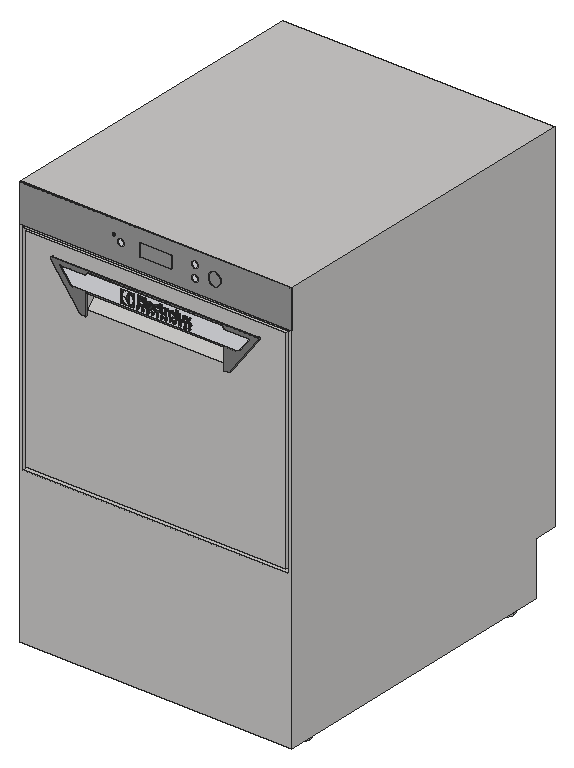
Revit family "QF_ELECTROLUXPROFESSIONAL_402124_ETGWSG16", category Attrezzature speciali, Revit 2021
Family settings
  Quota connettore circolare = Usa diametro
  Tipo di parte = Normale
  Basato su piano di lavoro = No
  Sempre verticale = Sì
  Taglio con vuoti quando caricato = No
  Condiviso = No
  Punto di calcolo locali = No
Parameters (values of type "Standard")
  Weight = 38.00 kg
  Watts = 2700 W
  Volts = 220 V
  URL Manufacturer = "https://www.electroluxprofessional.com/"
  URL = "https://www.electroluxprofessional.com/"
  Steam Supply Size = 0 mm
  Steam Supply Minimum Pressure = 0.0 Pa
  Steam Supply Maximum Pressure = 0.0 Pa
  Steam Consumption per Hour = 0
  Show Logo [instance] = yes
  Show Clearance [instance] = yes
  Refrigeration Suction Line Size = 0 mm
  Refrigeration Liquid Line Size = 0 mm
  Refrigerant Compressor Remote = yes
  Produttore = "Electrolux Professional"
  Phase = 1
  Modello = "ETGWSG16"
  Length Actual = 455 mm  # constant formula
  Item Number = "402124"
  Hot Water Size = 0 mm
  Height Actual = 700 mm  # constant formula
  HP = "3.6 HP"
  Gas Size = 0 mm
  Gas KW = 0
  Gas Input Pressure = 0 W
  Direct Waste Size = 29 mm
  Descrizione = "UC GLASSWASHER (S), ELECTRONIC, SINGLE SKIN, PRESSURE, RINSE AID+DET.PUMP, DRAIN P, TANK FILT, 40R/H, 230V/1/60,SCHUKO"
  Prospetto di default = 0 mm
  Depth Actual = 550 mm  # constant formula
  Cycle = 60 Hz
  Condensate Return Size = 0 mm
  Compressed Air Volume = 0.0 L/s
  Compressed Air Size = 0 mm
  Compressed Air Pressure = 0.0 Pa
  Cold Water Size = 19.05 mm
  Accessory = yes
Reference planes
  plane 1 "Center (Front/Back)": y = 0
  plane 2: z = 0
  plane 3 "Center (Left/Right)": x = 0
  plane 4 "LEFT": x = -227.5
  plane 5 "RIGHT": x = 227.5
  plane 6 "FRONT": y = -275
  plane 7 "BACK": y = 275
  plane 8: z = 700
  plane 9: z = 10
  plane 10: y = 236
  plane 11 "2": y = -274
Forms (mm)
  Extrusion 1, solid, material "QF_Finishes_Stainless Steel", detail levels medium+fine
    sketch origin (0, 0, 0) x (1, 0, 0) y (0, 1, 0)
      loop
        line (-227.5, -275) -> (227.5, -275) -> (227.5, 236) -> (-227.5, 236) -> (-227.5, -275)
    from 10 to 700
  Extrusion 2, solid, material "QF_Finishes_Stainless Steel", detail levels medium+fine
    sketch origin (0, 0, 0) x (1, 0, 0) y (0, 1, 0)
      loop
        line (-227.5, 236) -> (227.5, 236) -> (227.5, 275) -> (-227.5, 275) -> (-227.5, 236)
    from 100 to 700
  Extrusion 3, solid, material "QF_Finishes_Stainless Steel", detail levels fine
    sketch origin (0, 0, 0) x (1, 0, 0) y (0, 1, 0)
      loop
        circle (-208, 198) r 12.5
      loop
        circle (208, 198) r 12.5
      loop
        circle (-208, -228) r 12.5
      loop
        circle (208, -228) r 12.5
    from 0 to 10
  Extrusion 4, void
    sketch origin (-227.5, -275, 0) x (-1, 0, 0) y (0, 0, 1)
      loop
        line (-5, 634.145) -> (-450, 634.145) -> (-450, 270) -> (-5, 270) -> (-5, 634.145)
    from 0 to 30
  Extrusion 5, solid, material "QF_Finishes_Stainless Steel"
    sketch origin (-212, -392, 752) x (0, 0, -1) y (1, 0, 0)
      loop
        circle (693, 215.5) r 10
    from -628 to -667
  Extrusion 6, solid, material "QF_Finishes_Stainless Steel"
    sketch origin (-432.481, -392, 722) x (0, 0, -1) y (1, 0, 0)
      loop
        circle (663, 324.981) r 8
    from -628 to -667
  Extrusion 7, solid, material "QF_Finishes_Stainless Steel"
    sketch origin (-268, -392, 682.5) x (0, 0, -1) y (1, 0, 0)
      loop
        circle (663, 230.5) r 8
    from -628 to -667
  Extrusion 8, solid, material "QF_Finishes_Stainless Steel"
    sketch origin (-50.5, 508.026, -145.045) x (0, -1, 0) y (0, 0, 1)
      loop
        line (755.578, 774.145) -> (755.578, 420.045) -> (783.026, 420.045) -> (783.026, 774.145) -> (755.578, 774.145)
    from -268.245 to 167
  Extrusion 9, solid, material "QF_Finishes_Grey"
    sketch origin (1109.779, -277.6, -140) x (-1, 0, 0) y (0, 0, 1)
      loop
        line (1224.779, 677.936) -> (1231.15, 677.936)
        arc (1231.15, 677.936) -> (1234.782, 678.808) -> (1237.622, 681.234) r 8
        line (1237.622, 681.234) -> (1283.237, 744.017)
        arc (1283.237, 744.017) -> (1283.404, 746.136) -> (1281.591, 747.247) r 2.035
        line (1281.591, 747.247) -> (937.967, 747.247)
        arc (937.967, 747.247) -> (936.154, 746.136) -> (936.321, 744.017) r 2.035
        line (936.321, 744.017) -> (981.935, 681.234)
        arc (981.935, 681.234) -> (984.775, 678.808) -> (988.407, 677.936) r 8
        line (988.407, 677.936) -> (994.779, 677.936) -> (994.779, 712.928) -> (1224.779, 712.928) -> (1224.779, 677.936)
      loop
        line (1252.743, 719.058) -> (1268.137, 740.247) -> (1224.779, 740.247) -> (1221.329, 745.174) -> (998.229, 745.174) -> (994.779, 740.247) -> (951.42, 740.247) -> (966.815, 719.058)
        arc (966.815, 719.058) -> (970.365, 716.026) -> (974.905, 714.936) r 10
        line (974.905, 714.936) -> (1244.653, 714.936)
        arc (1244.653, 714.936) -> (1249.192, 716.026) -> (1252.743, 719.058) r 10
    from 2.6 to 0.6
  Extrusion 10, solid, material "QF_Finishes_White"
    sketch origin (1109.779, -277.552, -140) x (-1, 0, 0) y (0, 0, 1)
      loop
        arc (1244.653, 714.936) -> (1249.192, 716.026) -> (1252.743, 719.058) r 10
        line (1252.743, 719.058) -> (1268.137, 740.247) -> (1224.779, 740.247) -> (1221.329, 745.174) -> (998.229, 745.174) -> (994.779, 740.247) -> (951.42, 740.247) -> (966.815, 719.058)
        arc (966.815, 719.058) -> (970.365, 716.026) -> (974.905, 714.936) r 10
        line (974.905, 714.936) -> (1244.653, 714.936)
      loop
        line (1134.538, 728.308) -> (1129.975, 728.308) -> (1129.975, 725.979) -> (1134.559, 725.979) -> (1135.532, 726.049)
        spline (1135.532, 726.049) -> (1136.121, 726.164) -> (1136.653, 726.332) -> (1137.128, 726.553) -> (1137.548, 726.825) -> (1137.914, 727.144) -> (1138.226, 727.51) -> (1138.487, 727.921) -> (1138.698, 728.373) -> (1138.86, 728.866) -> (1138.974, 729.398) -> (1139.041, 729.966) -> (1139.063, 730.569)
        line (1139.063, 730.569) -> (1139.063, 740.368) -> (1130.147, 740.368) -> (1130.147, 738.037) -> (1136.586, 738.037) -> (1136.586, 734.634) -> (1130.533, 734.634) -> (1130.533, 732.296) -> (1136.585, 732.296) -> (1136.585, 730.463)
        spline (1136.585, 730.463) -> (1136.56, 730.049) -> (1136.488, 729.69) -> (1136.376, 729.381) -> (1136.229, 729.119) -> (1136.054, 728.901) -> (1135.857, 728.723) -> (1135.643, 728.582) -> (1135.419, 728.474) -> (1135.19, 728.396) -> (1134.963, 728.345) -> (1134.744, 728.317) -> (1134.538, 728.308)
      loop
        line (1128.214, 733.569) -> (1128.214, 740.372) -> (1125.736, 740.372) -> (1125.736, 725.976) -> (1128.214, 725.976) -> (1128.214, 733.569)
      loop
        line (1113.463, 731.445) -> (1113.505, 730.574) -> (1121.638, 730.574)
        spline (1121.638, 730.574) -> (1121.593, 730.171) -> (1121.504, 729.795) -> (1121.37, 729.446) -> (1121.194, 729.126) -> (1120.977, 728.838) -> (1120.722, 728.582) -> (1120.431, 728.361) -> (1120.104, 728.176) -> (1119.744, 728.03) -> (1119.353, 727.923) -> (1118.933, 727.857) -> (1118.484, 727.835)
        spline (1118.484, 727.835) -> (1118.178, 727.844) -> (1117.89, 727.87) -> (1117.62, 727.912) -> (1117.365, 727.972) -> (1117.124, 728.048) -> (1116.894, 728.141) -> (1116.675, 728.251) -> (1116.463, 728.376) -> (1116.258, 728.518) -> (1116.057, 728.676) -> (1115.86, 728.849) -> (1115.663, 729.039)
        line (1115.663, 729.039) -> (1114.169, 727.586)
        spline (1114.169, 727.586) -> (1114.509, 727.249) -> (1114.853, 726.951) -> (1115.203, 726.69) -> (1115.558, 726.466) -> (1115.918, 726.275) -> (1116.282, 726.116) -> (1116.652, 725.986) -> (1117.026, 725.885) -> (1117.404, 725.809) -> (1117.788, 725.758) -> (1118.175, 725.728) -> (1118.567, 725.719)
        spline (1118.567, 725.719) -> (1119.371, 725.763) -> (1120.127, 725.892) -> (1120.833, 726.104) -> (1121.482, 726.394) -> (1122.071, 726.76) -> (1122.596, 727.198) -> (1123.053, 727.705) -> (1123.436, 728.277) -> (1123.741, 728.911) -> (1123.965, 729.605) -> (1124.102, 730.353) -> (1124.149, 731.154)
        spline (1124.149, 731.154) -> (1124.1, 731.975) -> (1123.959, 732.742) -> (1123.73, 733.452) -> (1123.419, 734.101) -> (1123.032, 734.686) -> (1122.573, 735.205) -> (1122.048, 735.652) -> (1121.463, 736.026) -> (1120.824, 736.322) -> (1120.134, 736.538) -> (1119.401, 736.67) -> (1118.63, 736.715)
        spline (1118.63, 736.715) -> (1117.874, 736.667) -> (1117.166, 736.528) -> (1116.509, 736.303) -> (1115.907, 735.999) -> (1115.363, 735.622) -> (1114.879, 735.177) -> (1114.461, 734.672) -> (1114.111, 734.112) -> (1113.833, 733.503) -> (1113.63, 732.851) -> (1113.506, 732.163) -> (1113.463, 731.445)
      loop
        line (1115.995, 732.317) -> (1121.575, 732.317)
        spline (1121.575, 732.317) -> (1121.525, 732.627) -> (1121.429, 732.925) -> (1121.29, 733.207) -> (1121.111, 733.471) -> (1120.896, 733.713) -> (1120.647, 733.932) -> (1120.368, 734.125) -> (1120.062, 734.288) -> (1119.732, 734.42) -> (1119.381, 734.518) -> (1119.012, 734.578) -> (1118.63, 734.599)
        spline (1118.63, 734.599) -> (1118.273, 734.578) -> (1117.93, 734.516) -> (1117.605, 734.417) -> (1117.301, 734.284) -> (1117.021, 734.118) -> (1116.767, 733.924) -> (1116.544, 733.705) -> (1116.355, 733.461) -> (1116.202, 733.198) -> (1116.089, 732.918) -> (1116.019, 732.623) -> (1115.995, 732.317)
      loop
        spline (1109.715, 731.217) -> (1109.687, 730.756) -> (1109.604, 730.319) -> (1109.469, 729.908) -> (1109.287, 729.528) -> (1109.06, 729.181) -> (1108.792, 728.87) -> (1108.485, 728.598) -> (1108.144, 728.369) -> (1107.772, 728.186) -> (1107.371, 728.051) -> (1106.946, 727.967) -> (1106.499, 727.939)
        spline (1106.499, 727.939) -> (1106.225, 727.948) -> (1105.962, 727.973) -> (1105.711, 728.015) -> (1105.469, 728.073) -> (1105.238, 728.148) -> (1105.016, 728.237) -> (1104.802, 728.342) -> (1104.597, 728.462) -> (1104.399, 728.595) -> (1104.207, 728.743) -> (1104.023, 728.905) -> (1103.844, 729.08)
        line (1103.844, 729.08) -> (1102.308, 727.483)
        spline (1102.308, 727.483) -> (1102.614, 727.177) -> (1102.928, 726.902) -> (1103.252, 726.658) -> (1103.584, 726.443) -> (1103.924, 726.256) -> (1104.271, 726.098) -> (1104.626, 725.966) -> (1104.988, 725.859) -> (1105.357, 725.778) -> (1105.732, 725.722) -> (1106.113, 725.688) -> (1106.499, 725.677)
        spline (1106.499, 725.677) -> (1107.273, 725.725) -> (1108.015, 725.866) -> (1108.718, 726.094) -> (1109.375, 726.403) -> (1109.979, 726.79) -> (1110.524, 727.249) -> (1111.004, 727.774) -> (1111.411, 728.361) -> (1111.739, 729.003) -> (1111.982, 729.697) -> (1112.132, 730.437) -> (1112.184, 731.217)
        spline (1112.184, 731.217) -> (1112.132, 731.997) -> (1111.982, 732.737) -> (1111.739, 733.431) -> (1111.411, 734.073) -> (1111.004, 734.66) -> (1110.524, 735.185) -> (1109.979, 735.644) -> (1109.375, 736.03) -> (1108.718, 736.34) -> (1108.015, 736.568) -> (1107.273, 736.709) -> (1106.499, 736.757)
        spline (1106.499, 736.757) -> (1106.113, 736.746) -> (1105.732, 736.712) -> (1105.357, 736.655) -> (1104.988, 736.574) -> (1104.626, 736.468) -> (1104.271, 736.336) -> (1103.924, 736.178) -> (1103.584, 735.991) -> (1103.252, 735.776) -> (1102.928, 735.532) -> (1102.614, 735.257) -> (1102.308, 734.952)
        line (1102.308, 734.952) -> (1103.844, 733.354)
        spline (1103.844, 733.354) -> (1104.023, 733.529) -> (1104.207, 733.691) -> (1104.399, 733.839) -> (1104.597, 733.972) -> (1104.802, 734.092) -> (1105.016, 734.197) -> (1105.238, 734.286) -> (1105.469, 734.361) -> (1105.711, 734.419) -> (1105.962, 734.461) -> (1106.225, 734.486) -> (1106.499, 734.495)
        spline (1106.499, 734.495) -> (1106.946, 734.467) -> (1107.371, 734.383) -> (1107.772, 734.248) -> (1108.144, 734.065) -> (1108.485, 733.836) -> (1108.792, 733.564) -> (1109.06, 733.253) -> (1109.287, 732.906) -> (1109.469, 732.526) -> (1109.604, 732.115) -> (1109.687, 731.678) -> (1109.715, 731.217)
      loop
        line (1095.989, 728.305) -> (1095.998, 725.976) -> (1097.045, 726.023)
        spline (1097.045, 726.023) -> (1097.633, 726.122) -> (1098.166, 726.275) -> (1098.647, 726.479) -> (1099.075, 726.732) -> (1099.453, 727.033) -> (1099.78, 727.38) -> (1100.059, 727.772) -> (1100.291, 728.205) -> (1100.476, 728.678) -> (1100.616, 729.19) -> (1100.712, 729.738) -> (1100.765, 730.321)
        line (1100.765, 730.321) -> (1100.765, 740.372) -> (1098.287, 740.372) -> (1098.287, 736.386) -> (1096.036, 736.386) -> (1096.036, 734.135) -> (1098.29, 734.135) -> (1098.29, 730.462)
        spline (1098.29, 730.462) -> (1098.238, 730.026) -> (1098.14, 729.649) -> (1098.002, 729.329) -> (1097.831, 729.061) -> (1097.632, 728.84) -> (1097.412, 728.664) -> (1097.177, 728.527) -> (1096.933, 728.427) -> (1096.686, 728.358) -> (1096.442, 728.318) -> (1096.208, 728.301) -> (1095.989, 728.305)
      loop
        line (1087.65, 736.531) -> (1087.65, 734.134) -> (1088.683, 734.238)
        spline (1088.683, 734.238) -> (1089.099, 734.216) -> (1089.487, 734.15) -> (1089.845, 734.043) -> (1090.173, 733.896) -> (1090.469, 733.71) -> (1090.73, 733.487) -> (1090.956, 733.228) -> (1091.145, 732.934) -> (1091.294, 732.608) -> (1091.403, 732.251) -> (1091.469, 731.864) -> (1091.492, 731.449)
        line (1091.492, 731.449) -> (1091.492, 725.976) -> (1093.95, 725.976) -> (1093.95, 736.386) -> (1091.492, 736.386) -> (1091.492, 734.838)
        spline (1091.492, 734.838) -> (1091.301, 735.126) -> (1091.083, 735.392) -> (1090.839, 735.633) -> (1090.57, 735.849) -> (1090.276, 736.038) -> (1089.961, 736.2) -> (1089.623, 736.333) -> (1089.265, 736.436) -> (1088.888, 736.509) -> (1088.492, 736.549) -> (1088.079, 736.557) -> (1087.65, 736.531)
      loop
        spline (1075.91, 731.181) -> (1075.962, 730.417) -> (1076.113, 729.689) -> (1076.356, 729.004) -> (1076.685, 728.365) -> (1077.093, 727.78) -> (1077.573, 727.254) -> (1078.119, 726.793) -> (1078.723, 726.403) -> (1079.379, 726.089) -> (1080.08, 725.858) -> (1080.819, 725.715) -> (1081.59, 725.666)
        spline (1081.59, 725.666) -> (1082.366, 725.715) -> (1083.108, 725.858) -> (1083.811, 726.089) -> (1084.468, 726.403) -> (1085.071, 726.793) -> (1085.616, 727.254) -> (1086.094, 727.78) -> (1086.501, 728.365) -> (1086.828, 729.004) -> (1087.07, 729.689) -> (1087.22, 730.417) -> (1087.271, 731.181)
        spline (1087.271, 731.181) -> (1087.22, 731.944) -> (1087.07, 732.672) -> (1086.828, 733.358) -> (1086.501, 733.997) -> (1086.094, 734.582) -> (1085.616, 735.108) -> (1085.071, 735.569) -> (1084.468, 735.959) -> (1083.811, 736.272) -> (1083.108, 736.503) -> (1082.366, 736.646) -> (1081.59, 736.695)
        spline (1081.59, 736.695) -> (1080.819, 736.646) -> (1080.08, 736.503) -> (1079.379, 736.272) -> (1078.723, 735.959) -> (1078.119, 735.569) -> (1077.573, 735.108) -> (1077.093, 734.582) -> (1076.685, 733.997) -> (1076.356, 733.358) -> (1076.113, 732.672) -> (1075.962, 731.944) -> (1075.91, 731.181)
      loop
        spline (1078.369, 731.181) -> (1078.397, 730.73) -> (1078.481, 730.301) -> (1078.617, 729.895) -> (1078.8, 729.517) -> (1079.028, 729.171) -> (1079.298, 728.859) -> (1079.605, 728.586) -> (1079.947, 728.355) -> (1080.32, 728.168) -> (1080.72, 728.031) -> (1081.145, 727.946) -> (1081.59, 727.917)
        spline (1081.59, 727.917) -> (1082.04, 727.946) -> (1082.467, 728.031) -> (1082.869, 728.168) -> (1083.243, 728.355) -> (1083.584, 728.586) -> (1083.89, 728.859) -> (1084.159, 729.171) -> (1084.385, 729.517) -> (1084.567, 729.895) -> (1084.701, 730.301) -> (1084.784, 730.73) -> (1084.812, 731.181)
        spline (1084.812, 731.181) -> (1084.784, 731.631) -> (1084.701, 732.061) -> (1084.567, 732.466) -> (1084.385, 732.844) -> (1084.159, 733.19) -> (1083.89, 733.502) -> (1083.584, 733.775) -> (1083.243, 734.007) -> (1082.869, 734.193) -> (1082.467, 734.33) -> (1082.04, 734.415) -> (1081.59, 734.444)
        spline (1081.59, 734.444) -> (1081.145, 734.415) -> (1080.72, 734.33) -> (1080.32, 734.193) -> (1079.947, 734.007) -> (1079.605, 733.775) -> (1079.298, 733.502) -> (1079.028, 733.19) -> (1078.8, 732.844) -> (1078.617, 732.466) -> (1078.481, 732.061) -> (1078.397, 731.631) -> (1078.369, 731.181)
      loop
        line (1074.386, 733.817) -> (1074.386, 740.372) -> (1071.907, 740.372) -> (1071.907, 725.976) -> (1074.386, 725.976) -> (1074.386, 733.817)
      loop
        line (1062.968, 736.386) -> (1060.469, 736.386) -> (1060.469, 730.169)
        spline (1060.469, 730.169) -> (1060.514, 729.447) -> (1060.644, 728.791) -> (1060.852, 728.199) -> (1061.133, 727.671) -> (1061.481, 727.207) -> (1061.889, 726.807) -> (1062.351, 726.469) -> (1062.862, 726.193) -> (1063.414, 725.98) -> (1064.002, 725.828) -> (1064.619, 725.737) -> (1065.26, 725.707)
        spline (1065.26, 725.707) -> (1065.896, 725.737) -> (1066.509, 725.826) -> (1067.092, 725.976) -> (1067.64, 726.186) -> (1068.146, 726.458) -> (1068.604, 726.791) -> (1069.009, 727.186) -> (1069.353, 727.644) -> (1069.632, 728.164) -> (1069.839, 728.748) -> (1069.967, 729.395) -> (1070.011, 730.106)
        line (1070.011, 730.106) -> (1070.011, 736.386) -> (1067.512, 736.386) -> (1067.512, 730.313)
        spline (1067.512, 730.313) -> (1067.492, 729.924) -> (1067.434, 729.574) -> (1067.34, 729.26) -> (1067.212, 728.983) -> (1067.053, 728.741) -> (1066.864, 728.534) -> (1066.648, 728.362) -> (1066.407, 728.222) -> (1066.144, 728.114) -> (1065.86, 728.039) -> (1065.558, 727.994) -> (1065.24, 727.979)
        spline (1065.24, 727.979) -> (1064.922, 727.994) -> (1064.62, 728.039) -> (1064.336, 728.115) -> (1064.072, 728.223) -> (1063.832, 728.363) -> (1063.616, 728.537) -> (1063.427, 728.746) -> (1063.268, 728.989) -> (1063.14, 729.269) -> (1063.046, 729.586) -> (1062.988, 729.941) -> (1062.968, 730.334)
        line (1062.968, 730.334) -> (1062.968, 736.386)
      loop
        line (1051.091, 729.305) -> (1048.71, 725.976) -> (1051.374, 725.976) -> (1054.018, 729.652) -> (1056.662, 725.976) -> (1059.326, 725.976) -> (1057.534, 728.472) -> (1055.381, 731.47) -> (1057.435, 734.279) -> (1058.975, 736.385) -> (1056.29, 736.385) -> (1054.018, 733.267) -> (1051.766, 736.385) -> (1049.061, 736.385) -> (1050.719, 734.127) -> (1052.654, 731.49) -> (1051.091, 729.305)
      loop
        arc (1137.67, 723.711) -> (1136.024, 722.066) -> (1137.67, 720.421) r 1.645
        line (1137.67, 720.421) -> (1138.564, 720.421) -> (1138.564, 718.734) -> (1139.587, 718.734) -> (1139.587, 723.711) -> (1137.67, 723.711)
      loop
        arc (1137.711, 722.77) -> (1137.007, 722.066) -> (1137.711, 721.361) r 0.704
        line (1137.711, 721.361) -> (1138.564, 721.361) -> (1138.564, 722.77) -> (1137.711, 722.77)
      loop
        arc (1129.861, 723.711) -> (1128.713, 723.243) -> (1128.219, 722.107) r 1.643
        arc (1128.219, 722.107) -> (1128.437, 721.282) -> (1129.061, 720.7) r 1.536
        line (1129.061, 720.7) -> (1127.867, 718.734) -> (1129.028, 718.734) -> (1130.009, 720.366) -> (1130.79, 720.448) -> (1130.79, 718.734) -> (1131.813, 718.734) -> (1131.813, 723.711) -> (1129.861, 723.711)
      loop
        line (1129.951, 721.382) -> (1130.79, 721.382) -> (1130.79, 722.77) -> (1129.882, 722.77)
        arc (1129.882, 722.77) -> (1129.256, 722.043) -> (1129.951, 721.382) r 0.696
      loop
        circle (1121.513, 721.223) r 2.585
      loop
        circle (1121.513, 721.223) r 1.64
      loop
        line (1114.648, 723.711) -> (1111.572, 723.711) -> (1111.572, 722.77) -> (1113.625, 722.77) -> (1113.625, 721.72) -> (1111.752, 721.72) -> (1111.752, 720.78) -> (1113.625, 720.78) -> (1113.625, 718.734) -> (1114.648, 718.734) -> (1114.648, 723.711)
      loop
        line (1107.351, 723.711) -> (1104.199, 723.711) -> (1104.199, 722.77) -> (1106.327, 722.77) -> (1106.327, 721.906) -> (1104.337, 721.906) -> (1104.337, 721.124) -> (1106.327, 721.124) -> (1106.327, 720.296)
        arc (1106.327, 720.296) -> (1106.1, 719.748) -> (1105.552, 719.521) r 0.775
        line (1105.552, 719.521) -> (1104.151, 719.521) -> (1104.151, 718.734) -> (1105.758, 718.734)
        arc (1105.758, 718.734) -> (1106.892, 719.208) -> (1107.351, 720.348) r 1.593
        line (1107.351, 720.348) -> (1107.351, 723.711)
      loop
        arc (1097.457, 722.405) -> (1097.878, 722.739) -> (1098.402, 722.854) r 1.197
        arc (1098.402, 722.854) -> (1098.874, 722.478) -> (1098.547, 721.971) r 0.45
        arc (1098.547, 721.971) -> (1097.983, 721.759) -> (1097.432, 721.513) r 9.883
        arc (1097.432, 721.513) -> (1096.997, 721.229) -> (1096.656, 720.836) r 1.876
        arc (1096.656, 720.836) -> (1096.499, 719.983) -> (1096.804, 719.172) r 1.618
        arc (1096.804, 719.172) -> (1097.495, 718.805) -> (1098.262, 718.652) r 2.696
        arc (1098.262, 718.652) -> (1098.883, 718.714) -> (1099.456, 718.959) r 2.063
        arc (1099.456, 718.959) -> (1099.909, 719.35) -> (1100.219, 719.862) r 1.914
        line (1100.219, 719.862) -> (1099.437, 720.352)
        arc (1099.437, 720.352) -> (1099.173, 719.945) -> (1098.752, 719.703) r 1.033
        arc (1098.752, 719.703) -> (1098.18, 719.588) -> (1097.639, 719.808) r 1.016
        arc (1097.639, 719.808) -> (1097.482, 720.161) -> (1097.68, 720.492) r 0.42
        arc (1097.68, 720.492) -> (1098.186, 720.769) -> (1098.72, 720.985) r 5.041
        arc (1098.72, 720.985) -> (1099.298, 721.289) -> (1099.741, 721.768) r 1.928
        arc (1099.741, 721.768) -> (1099.855, 722.207) -> (1099.866, 722.66) r 1.985
        arc (1099.866, 722.66) -> (1099.75, 723.048) -> (1099.492, 723.359) r 1.013
        arc (1099.492, 723.359) -> (1098.946, 723.67) -> (1098.33, 723.793) r 1.974
        arc (1098.33, 723.793) -> (1097.403, 723.575) -> (1096.722, 722.91) r 1.782
        line (1096.722, 722.91) -> (1097.457, 722.405)
      loop
        arc (1089.939, 722.405) -> (1090.36, 722.739) -> (1090.884, 722.854) r 1.197
        arc (1090.884, 722.854) -> (1091.355, 722.478) -> (1091.029, 721.971) r 0.45
        arc (1091.029, 721.971) -> (1090.464, 721.759) -> (1089.914, 721.513) r 9.883
        arc (1089.914, 721.513) -> (1089.478, 721.229) -> (1089.138, 720.836) r 1.876
        arc (1089.138, 720.836) -> (1088.98, 719.983) -> (1089.286, 719.172) r 1.618
        arc (1089.286, 719.172) -> (1089.977, 718.805) -> (1090.744, 718.652) r 2.696
        arc (1090.744, 718.652) -> (1091.365, 718.714) -> (1091.938, 718.959) r 2.063
        arc (1091.938, 718.959) -> (1092.391, 719.35) -> (1092.701, 719.862) r 1.914
        line (1092.701, 719.862) -> (1091.919, 720.352)
        arc (1091.919, 720.352) -> (1091.655, 719.945) -> (1091.234, 719.703) r 1.033
        arc (1091.234, 719.703) -> (1090.661, 719.588) -> (1090.12, 719.808) r 1.016
        arc (1090.12, 719.808) -> (1089.964, 720.161) -> (1090.162, 720.492) r 0.42
        arc (1090.162, 720.492) -> (1090.667, 720.769) -> (1091.201, 720.985) r 5.041
        arc (1091.201, 720.985) -> (1091.779, 721.289) -> (1092.223, 721.768) r 1.928
        arc (1092.223, 721.768) -> (1092.336, 722.207) -> (1092.348, 722.66) r 1.985
        arc (1092.348, 722.66) -> (1092.232, 723.048) -> (1091.974, 723.359) r 1.013
        arc (1091.974, 723.359) -> (1091.428, 723.67) -> (1090.811, 723.793) r 1.974
        arc (1090.811, 723.793) -> (1089.885, 723.575) -> (1089.203, 722.91) r 1.782
        line (1089.203, 722.91) -> (1089.939, 722.405)
      loop
        line (1084.747, 723.711) -> (1083.724, 723.711) -> (1083.724, 718.734) -> (1084.747, 718.734) -> (1084.747, 723.711)
      loop
        circle (1076.824, 721.223) r 1.548
      loop
        circle (1076.824, 721.223) r 2.585
      loop
        line (1069.959, 718.734) -> (1069.959, 723.711) -> (1068.964, 723.711) -> (1066.687, 720.487) -> (1066.687, 723.711) -> (1065.654, 723.711) -> (1065.654, 718.734) -> (1066.648, 718.734) -> (1068.925, 721.863) -> (1068.925, 718.734) -> (1069.959, 718.734)
      loop
        line (1060.494, 718.734) -> (1061.593, 718.734) -> (1059.088, 723.711) -> (1056.584, 718.734) -> (1057.684, 718.734) -> (1058.168, 719.808) -> (1060.009, 719.808) -> (1060.494, 718.734)
      loop
        line (1059.088, 721.85) -> (1058.628, 720.829) -> (1059.55, 720.829) -> (1059.088, 721.85)
      loop
        line (1051.501, 719.675) -> (1049.587, 719.675) -> (1049.587, 718.734) -> (1052.525, 718.734) -> (1052.525, 723.711) -> (1051.501, 723.711) -> (1051.501, 719.675)
      loop
        line (1166.534, 718.734) -> (1166.534, 740.368) -> (1144.871, 740.368) -> (1144.871, 718.734) -> (1166.534, 718.734)
      loop
        arc (1152.81, 739.306) -> (1145.614, 729.573) -> (1152.81, 719.841) r 10.18
        line (1152.81, 719.841) -> (1152.81, 739.306)
      loop
        arc (1153.8, 737.897) -> (1156.822, 732.473) -> (1162.575, 730.138) r 9.351
        line (1162.575, 730.138) -> (1165.795, 730.138)
        arc (1165.795, 730.138) -> (1161.895, 737.466) -> (1153.8, 739.306) r 9.976
        line (1153.8, 739.306) -> (1153.8, 737.897)
      loop
        line (1165.795, 729.009) -> (1162.575, 729.009)
        arc (1162.575, 729.009) -> (1156.822, 726.674) -> (1153.8, 721.25) r 9.351
        line (1153.8, 721.25) -> (1153.8, 719.591)
        arc (1153.8, 719.591) -> (1161.902, 721.62) -> (1165.795, 729.009) r 10.237
    from 0.552 to 2.552
  Extrusion 11, solid, material "QF_Door-Drawer Clearances", detail levels coarse
    sketch origin (-50.5, 469.81, -129.52) x (0, -1, 0) y (0, 0, 1)
      loop
        arc (1151.948, 404.52) -> (1007.811, 649.792) -> (744.81, 758.257) r 446.578
        line (744.81, 758.257) -> (744.81, 404.52) -> (1151.948, 404.52)
    from -268.245 to 167
  Extrusion 12, solid, material "QF_Finishes_Black"
    sketch origin (1109.779, -277.6, -140) x (-1, 0, 0) y (0, 0, 1)
      loop
        line (1134.538, 728.308) -> (1129.975, 728.308) -> (1129.975, 725.979) -> (1134.559, 725.979) -> (1135.532, 726.049)
        spline (1135.532, 726.049) -> (1136.121, 726.164) -> (1136.653, 726.332) -> (1137.128, 726.553) -> (1137.548, 726.825) -> (1137.914, 727.144) -> (1138.226, 727.51) -> (1138.487, 727.921) -> (1138.698, 728.373) -> (1138.86, 728.866) -> (1138.974, 729.398) -> (1139.041, 729.966) -> (1139.063, 730.569)
        line (1139.063, 730.569) -> (1139.063, 740.368) -> (1130.147, 740.368) -> (1130.147, 738.037) -> (1136.586, 738.037) -> (1136.586, 734.634) -> (1130.533, 734.634) -> (1130.533, 732.296) -> (1136.585, 732.296) -> (1136.585, 730.463)
        spline (1136.585, 730.463) -> (1136.56, 730.049) -> (1136.488, 729.69) -> (1136.376, 729.381) -> (1136.229, 729.119) -> (1136.054, 728.901) -> (1135.857, 728.723) -> (1135.643, 728.582) -> (1135.419, 728.474) -> (1135.19, 728.396) -> (1134.963, 728.345) -> (1134.744, 728.317) -> (1134.538, 728.308)
      loop
        line (1128.214, 733.569) -> (1128.214, 740.372) -> (1125.736, 740.372) -> (1125.736, 725.976) -> (1128.214, 725.976) -> (1128.214, 733.569)
      loop
        line (1113.463, 731.445) -> (1113.505, 730.574) -> (1121.638, 730.574)
        spline (1121.638, 730.574) -> (1121.593, 730.171) -> (1121.504, 729.795) -> (1121.37, 729.446) -> (1121.194, 729.126) -> (1120.977, 728.838) -> (1120.722, 728.582) -> (1120.431, 728.361) -> (1120.104, 728.176) -> (1119.744, 728.03) -> (1119.353, 727.923) -> (1118.933, 727.857) -> (1118.484, 727.835)
        spline (1118.484, 727.835) -> (1118.178, 727.844) -> (1117.89, 727.87) -> (1117.62, 727.912) -> (1117.365, 727.972) -> (1117.124, 728.048) -> (1116.894, 728.141) -> (1116.675, 728.251) -> (1116.463, 728.376) -> (1116.258, 728.518) -> (1116.057, 728.676) -> (1115.86, 728.849) -> (1115.663, 729.039)
        line (1115.663, 729.039) -> (1114.169, 727.586)
        spline (1114.169, 727.586) -> (1114.509, 727.249) -> (1114.853, 726.951) -> (1115.203, 726.69) -> (1115.558, 726.466) -> (1115.918, 726.275) -> (1116.282, 726.116) -> (1116.652, 725.986) -> (1117.026, 725.885) -> (1117.404, 725.809) -> (1117.788, 725.758) -> (1118.175, 725.728) -> (1118.567, 725.719)
        spline (1118.567, 725.719) -> (1119.371, 725.763) -> (1120.127, 725.892) -> (1120.833, 726.104) -> (1121.482, 726.394) -> (1122.071, 726.76) -> (1122.596, 727.198) -> (1123.053, 727.705) -> (1123.436, 728.277) -> (1123.741, 728.911) -> (1123.965, 729.605) -> (1124.102, 730.353) -> (1124.149, 731.154)
        spline (1124.149, 731.154) -> (1124.1, 731.975) -> (1123.959, 732.742) -> (1123.73, 733.452) -> (1123.419, 734.101) -> (1123.032, 734.686) -> (1122.573, 735.205) -> (1122.048, 735.652) -> (1121.463, 736.026) -> (1120.824, 736.322) -> (1120.134, 736.538) -> (1119.401, 736.67) -> (1118.63, 736.715)
        spline (1118.63, 736.715) -> (1117.874, 736.667) -> (1117.166, 736.528) -> (1116.509, 736.303) -> (1115.907, 735.999) -> (1115.363, 735.622) -> (1114.879, 735.177) -> (1114.461, 734.672) -> (1114.111, 734.112) -> (1113.833, 733.503) -> (1113.63, 732.851) -> (1113.506, 732.163) -> (1113.463, 731.445)
      loop
        line (1115.995, 732.317) -> (1121.575, 732.317)
        spline (1121.575, 732.317) -> (1121.525, 732.627) -> (1121.429, 732.925) -> (1121.29, 733.207) -> (1121.111, 733.471) -> (1120.896, 733.713) -> (1120.647, 733.932) -> (1120.368, 734.125) -> (1120.062, 734.288) -> (1119.732, 734.42) -> (1119.381, 734.518) -> (1119.012, 734.578) -> (1118.63, 734.599)
        spline (1118.63, 734.599) -> (1118.273, 734.578) -> (1117.93, 734.516) -> (1117.605, 734.417) -> (1117.301, 734.284) -> (1117.021, 734.118) -> (1116.767, 733.924) -> (1116.544, 733.705) -> (1116.355, 733.461) -> (1116.202, 733.198) -> (1116.089, 732.918) -> (1116.019, 732.623) -> (1115.995, 732.317)
      loop
        spline (1109.715, 731.217) -> (1109.687, 730.756) -> (1109.604, 730.319) -> (1109.469, 729.908) -> (1109.287, 729.528) -> (1109.06, 729.181) -> (1108.792, 728.87) -> (1108.485, 728.598) -> (1108.144, 728.369) -> (1107.772, 728.186) -> (1107.371, 728.051) -> (1106.946, 727.967) -> (1106.499, 727.939)
        spline (1106.499, 727.939) -> (1106.225, 727.948) -> (1105.962, 727.973) -> (1105.711, 728.015) -> (1105.469, 728.073) -> (1105.238, 728.148) -> (1105.016, 728.237) -> (1104.802, 728.342) -> (1104.597, 728.462) -> (1104.399, 728.595) -> (1104.207, 728.743) -> (1104.023, 728.905) -> (1103.844, 729.08)
        line (1103.844, 729.08) -> (1102.308, 727.483)
        spline (1102.308, 727.483) -> (1102.614, 727.177) -> (1102.928, 726.902) -> (1103.252, 726.658) -> (1103.584, 726.443) -> (1103.924, 726.256) -> (1104.271, 726.098) -> (1104.626, 725.966) -> (1104.988, 725.859) -> (1105.357, 725.778) -> (1105.732, 725.722) -> (1106.113, 725.688) -> (1106.499, 725.677)
        spline (1106.499, 725.677) -> (1107.273, 725.725) -> (1108.015, 725.866) -> (1108.718, 726.094) -> (1109.375, 726.403) -> (1109.979, 726.79) -> (1110.524, 727.249) -> (1111.004, 727.774) -> (1111.411, 728.361) -> (1111.739, 729.003) -> (1111.982, 729.697) -> (1112.132, 730.437) -> (1112.184, 731.217)
        spline (1112.184, 731.217) -> (1112.132, 731.997) -> (1111.982, 732.737) -> (1111.739, 733.431) -> (1111.411, 734.073) -> (1111.004, 734.66) -> (1110.524, 735.185) -> (1109.979, 735.644) -> (1109.375, 736.03) -> (1108.718, 736.34) -> (1108.015, 736.568) -> (1107.273, 736.709) -> (1106.499, 736.757)
        spline (1106.499, 736.757) -> (1106.113, 736.746) -> (1105.732, 736.712) -> (1105.357, 736.655) -> (1104.988, 736.574) -> (1104.626, 736.468) -> (1104.271, 736.336) -> (1103.924, 736.178) -> (1103.584, 735.991) -> (1103.252, 735.776) -> (1102.928, 735.532) -> (1102.614, 735.257) -> (1102.308, 734.952)
        line (1102.308, 734.952) -> (1103.844, 733.354)
        spline (1103.844, 733.354) -> (1104.023, 733.529) -> (1104.207, 733.691) -> (1104.399, 733.839) -> (1104.597, 733.972) -> (1104.802, 734.092) -> (1105.016, 734.197) -> (1105.238, 734.286) -> (1105.469, 734.361) -> (1105.711, 734.419) -> (1105.962, 734.461) -> (1106.225, 734.486) -> (1106.499, 734.495)
        spline (1106.499, 734.495) -> (1106.946, 734.467) -> (1107.371, 734.383) -> (1107.772, 734.248) -> (1108.144, 734.065) -> (1108.485, 733.836) -> (1108.792, 733.564) -> (1109.06, 733.253) -> (1109.287, 732.906) -> (1109.469, 732.526) -> (1109.604, 732.115) -> (1109.687, 731.678) -> (1109.715, 731.217)
      loop
        line (1095.989, 728.305) -> (1095.998, 725.976) -> (1097.045, 726.023)
        spline (1097.045, 726.023) -> (1097.633, 726.122) -> (1098.166, 726.275) -> (1098.647, 726.479) -> (1099.075, 726.732) -> (1099.453, 727.033) -> (1099.78, 727.38) -> (1100.059, 727.772) -> (1100.291, 728.205) -> (1100.476, 728.678) -> (1100.616, 729.19) -> (1100.712, 729.738) -> (1100.765, 730.321)
        line (1100.765, 730.321) -> (1100.765, 740.372) -> (1098.287, 740.372) -> (1098.287, 736.386) -> (1096.036, 736.386) -> (1096.036, 734.135) -> (1098.29, 734.135) -> (1098.29, 730.462)
        spline (1098.29, 730.462) -> (1098.238, 730.026) -> (1098.14, 729.649) -> (1098.002, 729.329) -> (1097.831, 729.061) -> (1097.632, 728.84) -> (1097.412, 728.664) -> (1097.177, 728.527) -> (1096.933, 728.427) -> (1096.686, 728.358) -> (1096.442, 728.318) -> (1096.208, 728.301) -> (1095.989, 728.305)
      loop
        line (1087.65, 736.531) -> (1087.65, 734.134) -> (1088.683, 734.238)
        spline (1088.683, 734.238) -> (1089.099, 734.216) -> (1089.487, 734.15) -> (1089.845, 734.043) -> (1090.173, 733.896) -> (1090.469, 733.71) -> (1090.73, 733.487) -> (1090.956, 733.228) -> (1091.145, 732.934) -> (1091.294, 732.608) -> (1091.403, 732.251) -> (1091.469, 731.864) -> (1091.492, 731.449)
        line (1091.492, 731.449) -> (1091.492, 725.976) -> (1093.95, 725.976) -> (1093.95, 736.386) -> (1091.492, 736.386) -> (1091.492, 734.838)
        spline (1091.492, 734.838) -> (1091.301, 735.126) -> (1091.083, 735.392) -> (1090.839, 735.633) -> (1090.57, 735.849) -> (1090.276, 736.038) -> (1089.961, 736.2) -> (1089.623, 736.333) -> (1089.265, 736.436) -> (1088.888, 736.509) -> (1088.492, 736.549) -> (1088.079, 736.557) -> (1087.65, 736.531)
      loop
        spline (1075.91, 731.181) -> (1075.962, 730.417) -> (1076.113, 729.689) -> (1076.356, 729.004) -> (1076.685, 728.365) -> (1077.093, 727.78) -> (1077.573, 727.254) -> (1078.119, 726.793) -> (1078.723, 726.403) -> (1079.379, 726.089) -> (1080.08, 725.858) -> (1080.819, 725.715) -> (1081.59, 725.666)
        spline (1081.59, 725.666) -> (1082.366, 725.715) -> (1083.108, 725.858) -> (1083.811, 726.089) -> (1084.468, 726.403) -> (1085.071, 726.793) -> (1085.616, 727.254) -> (1086.094, 727.78) -> (1086.501, 728.365) -> (1086.828, 729.004) -> (1087.07, 729.689) -> (1087.22, 730.417) -> (1087.271, 731.181)
        spline (1087.271, 731.181) -> (1087.22, 731.944) -> (1087.07, 732.672) -> (1086.828, 733.358) -> (1086.501, 733.997) -> (1086.094, 734.582) -> (1085.616, 735.108) -> (1085.071, 735.569) -> (1084.468, 735.959) -> (1083.811, 736.272) -> (1083.108, 736.503) -> (1082.366, 736.646) -> (1081.59, 736.695)
        spline (1081.59, 736.695) -> (1080.819, 736.646) -> (1080.08, 736.503) -> (1079.379, 736.272) -> (1078.723, 735.959) -> (1078.119, 735.569) -> (1077.573, 735.108) -> (1077.093, 734.582) -> (1076.685, 733.997) -> (1076.356, 733.358) -> (1076.113, 732.672) -> (1075.962, 731.944) -> (1075.91, 731.181)
      loop
        spline (1078.369, 731.181) -> (1078.397, 730.73) -> (1078.481, 730.301) -> (1078.617, 729.895) -> (1078.8, 729.517) -> (1079.028, 729.171) -> (1079.298, 728.859) -> (1079.605, 728.586) -> (1079.947, 728.355) -> (1080.32, 728.168) -> (1080.72, 728.031) -> (1081.145, 727.946) -> (1081.59, 727.917)
        spline (1081.59, 727.917) -> (1082.04, 727.946) -> (1082.467, 728.031) -> (1082.869, 728.168) -> (1083.243, 728.355) -> (1083.584, 728.586) -> (1083.89, 728.859) -> (1084.159, 729.171) -> (1084.385, 729.517) -> (1084.567, 729.895) -> (1084.701, 730.301) -> (1084.784, 730.73) -> (1084.812, 731.181)
        spline (1084.812, 731.181) -> (1084.784, 731.631) -> (1084.701, 732.061) -> (1084.567, 732.466) -> (1084.385, 732.844) -> (1084.159, 733.19) -> (1083.89, 733.502) -> (1083.584, 733.775) -> (1083.243, 734.007) -> (1082.869, 734.193) -> (1082.467, 734.33) -> (1082.04, 734.415) -> (1081.59, 734.444)
        spline (1081.59, 734.444) -> (1081.145, 734.415) -> (1080.72, 734.33) -> (1080.32, 734.193) -> (1079.947, 734.007) -> (1079.605, 733.775) -> (1079.298, 733.502) -> (1079.028, 733.19) -> (1078.8, 732.844) -> (1078.617, 732.466) -> (1078.481, 732.061) -> (1078.397, 731.631) -> (1078.369, 731.181)
      loop
        line (1074.386, 733.817) -> (1074.386, 740.372) -> (1071.907, 740.372) -> (1071.907, 725.976) -> (1074.386, 725.976) -> (1074.386, 733.817)
      loop
        line (1062.968, 736.386) -> (1060.469, 736.386) -> (1060.469, 730.169)
        spline (1060.469, 730.169) -> (1060.514, 729.447) -> (1060.644, 728.791) -> (1060.852, 728.199) -> (1061.133, 727.671) -> (1061.481, 727.207) -> (1061.889, 726.807) -> (1062.351, 726.469) -> (1062.862, 726.193) -> (1063.414, 725.98) -> (1064.002, 725.828) -> (1064.619, 725.737) -> (1065.26, 725.707)
        spline (1065.26, 725.707) -> (1065.896, 725.737) -> (1066.509, 725.826) -> (1067.092, 725.976) -> (1067.64, 726.186) -> (1068.146, 726.458) -> (1068.604, 726.791) -> (1069.009, 727.186) -> (1069.353, 727.644) -> (1069.632, 728.164) -> (1069.839, 728.748) -> (1069.967, 729.395) -> (1070.011, 730.106)
        line (1070.011, 730.106) -> (1070.011, 736.386) -> (1067.512, 736.386) -> (1067.512, 730.313)
        spline (1067.512, 730.313) -> (1067.492, 729.924) -> (1067.434, 729.574) -> (1067.34, 729.26) -> (1067.212, 728.983) -> (1067.053, 728.741) -> (1066.864, 728.534) -> (1066.648, 728.362) -> (1066.407, 728.222) -> (1066.144, 728.114) -> (1065.86, 728.039) -> (1065.558, 727.994) -> (1065.24, 727.979)
        spline (1065.24, 727.979) -> (1064.922, 727.994) -> (1064.62, 728.039) -> (1064.336, 728.115) -> (1064.072, 728.223) -> (1063.832, 728.363) -> (1063.616, 728.537) -> (1063.427, 728.746) -> (1063.268, 728.989) -> (1063.14, 729.269) -> (1063.046, 729.586) -> (1062.988, 729.941) -> (1062.968, 730.334)
        line (1062.968, 730.334) -> (1062.968, 736.386)
      loop
        line (1051.091, 729.305) -> (1048.71, 725.976) -> (1051.374, 725.976) -> (1054.018, 729.652) -> (1056.662, 725.976) -> (1059.326, 725.976) -> (1057.534, 728.472) -> (1055.381, 731.47) -> (1057.435, 734.279) -> (1058.975, 736.385) -> (1056.29, 736.385) -> (1054.018, 733.267) -> (1051.766, 736.385) -> (1049.061, 736.385) -> (1050.719, 734.127) -> (1052.654, 731.49) -> (1051.091, 729.305)
      loop
        arc (1137.67, 723.711) -> (1136.024, 722.066) -> (1137.67, 720.421) r 1.645
        line (1137.67, 720.421) -> (1138.564, 720.421) -> (1138.564, 718.734) -> (1139.587, 718.734) -> (1139.587, 723.711) -> (1137.67, 723.711)
      loop
        arc (1137.711, 722.77) -> (1137.007, 722.066) -> (1137.711, 721.361) r 0.704
        line (1137.711, 721.361) -> (1138.564, 721.361) -> (1138.564, 722.77) -> (1137.711, 722.77)
      loop
        arc (1129.861, 723.711) -> (1128.713, 723.243) -> (1128.219, 722.107) r 1.643
        arc (1128.219, 722.107) -> (1128.437, 721.282) -> (1129.061, 720.7) r 1.536
        line (1129.061, 720.7) -> (1127.867, 718.734) -> (1129.028, 718.734) -> (1130.009, 720.366) -> (1130.79, 720.448) -> (1130.79, 718.734) -> (1131.813, 718.734) -> (1131.813, 723.711) -> (1129.861, 723.711)
      loop
        line (1129.951, 721.382) -> (1130.79, 721.382) -> (1130.79, 722.77) -> (1129.882, 722.77)
        arc (1129.882, 722.77) -> (1129.256, 722.043) -> (1129.951, 721.382) r 0.696
      loop
        circle (1121.513, 721.223) r 2.585
      loop
        circle (1121.513, 721.223) r 1.64
      loop
        line (1114.648, 723.711) -> (1111.572, 723.711) -> (1111.572, 722.77) -> (1113.625, 722.77) -> (1113.625, 721.72) -> (1111.752, 721.72) -> (1111.752, 720.78) -> (1113.625, 720.78) -> (1113.625, 718.734) -> (1114.648, 718.734) -> (1114.648, 723.711)
      loop
        line (1107.351, 723.711) -> (1104.199, 723.711) -> (1104.199, 722.77) -> (1106.327, 722.77) -> (1106.327, 721.906) -> (1104.337, 721.906) -> (1104.337, 721.124) -> (1106.327, 721.124) -> (1106.327, 720.296)
        arc (1106.327, 720.296) -> (1106.1, 719.748) -> (1105.552, 719.521) r 0.775
        line (1105.552, 719.521) -> (1104.151, 719.521) -> (1104.151, 718.734) -> (1105.758, 718.734)
        arc (1105.758, 718.734) -> (1106.892, 719.208) -> (1107.351, 720.348) r 1.593
        line (1107.351, 720.348) -> (1107.351, 723.711)
      loop
        arc (1097.457, 722.405) -> (1097.878, 722.739) -> (1098.402, 722.854) r 1.197
        arc (1098.402, 722.854) -> (1098.874, 722.478) -> (1098.547, 721.971) r 0.45
        arc (1098.547, 721.971) -> (1097.983, 721.759) -> (1097.432, 721.513) r 9.883
        arc (1097.432, 721.513) -> (1096.997, 721.229) -> (1096.656, 720.836) r 1.876
        arc (1096.656, 720.836) -> (1096.499, 719.983) -> (1096.804, 719.172) r 1.618
        arc (1096.804, 719.172) -> (1097.495, 718.805) -> (1098.262, 718.652) r 2.696
        arc (1098.262, 718.652) -> (1098.883, 718.714) -> (1099.456, 718.959) r 2.063
        arc (1099.456, 718.959) -> (1099.909, 719.35) -> (1100.219, 719.862) r 1.914
        line (1100.219, 719.862) -> (1099.437, 720.352)
        arc (1099.437, 720.352) -> (1099.173, 719.945) -> (1098.752, 719.703) r 1.033
        arc (1098.752, 719.703) -> (1098.18, 719.588) -> (1097.639, 719.808) r 1.016
        arc (1097.639, 719.808) -> (1097.482, 720.161) -> (1097.68, 720.492) r 0.42
        arc (1097.68, 720.492) -> (1098.186, 720.769) -> (1098.72, 720.985) r 5.041
        arc (1098.72, 720.985) -> (1099.298, 721.289) -> (1099.741, 721.768) r 1.928
        arc (1099.741, 721.768) -> (1099.855, 722.207) -> (1099.866, 722.66) r 1.985
        arc (1099.866, 722.66) -> (1099.75, 723.048) -> (1099.492, 723.359) r 1.013
        arc (1099.492, 723.359) -> (1098.946, 723.67) -> (1098.33, 723.793) r 1.974
        arc (1098.33, 723.793) -> (1097.403, 723.575) -> (1096.722, 722.91) r 1.782
        line (1096.722, 722.91) -> (1097.457, 722.405)
      loop
        arc (1089.939, 722.405) -> (1090.36, 722.739) -> (1090.884, 722.854) r 1.197
        arc (1090.884, 722.854) -> (1091.355, 722.478) -> (1091.029, 721.971) r 0.45
        arc (1091.029, 721.971) -> (1090.464, 721.759) -> (1089.914, 721.513) r 9.883
        arc (1089.914, 721.513) -> (1089.478, 721.229) -> (1089.138, 720.836) r 1.876
        arc (1089.138, 720.836) -> (1088.98, 719.983) -> (1089.286, 719.172) r 1.618
        arc (1089.286, 719.172) -> (1089.977, 718.805) -> (1090.744, 718.652) r 2.696
        arc (1090.744, 718.652) -> (1091.365, 718.714) -> (1091.938, 718.959) r 2.063
        arc (1091.938, 718.959) -> (1092.391, 719.35) -> (1092.701, 719.862) r 1.914
        line (1092.701, 719.862) -> (1091.919, 720.352)
        arc (1091.919, 720.352) -> (1091.655, 719.945) -> (1091.234, 719.703) r 1.033
        arc (1091.234, 719.703) -> (1090.661, 719.588) -> (1090.12, 719.808) r 1.016
        arc (1090.12, 719.808) -> (1089.964, 720.161) -> (1090.162, 720.492) r 0.42
        arc (1090.162, 720.492) -> (1090.667, 720.769) -> (1091.201, 720.985) r 5.041
        arc (1091.201, 720.985) -> (1091.779, 721.289) -> (1092.223, 721.768) r 1.928
        arc (1092.223, 721.768) -> (1092.336, 722.207) -> (1092.348, 722.66) r 1.985
        arc (1092.348, 722.66) -> (1092.232, 723.048) -> (1091.974, 723.359) r 1.013
        arc (1091.974, 723.359) -> (1091.428, 723.67) -> (1090.811, 723.793) r 1.974
        arc (1090.811, 723.793) -> (1089.885, 723.575) -> (1089.203, 722.91) r 1.782
        line (1089.203, 722.91) -> (1089.939, 722.405)
      loop
        line (1084.747, 723.711) -> (1083.724, 723.711) -> (1083.724, 718.734) -> (1084.747, 718.734) -> (1084.747, 723.711)
      loop
        circle (1076.824, 721.223) r 1.548
      loop
        circle (1076.824, 721.223) r 2.585
      loop
        line (1069.959, 718.734) -> (1069.959, 723.711) -> (1068.964, 723.711) -> (1066.687, 720.487) -> (1066.687, 723.711) -> (1065.654, 723.711) -> (1065.654, 718.734) -> (1066.648, 718.734) -> (1068.925, 721.863) -> (1068.925, 718.734) -> (1069.959, 718.734)
      loop
        line (1060.494, 718.734) -> (1061.593, 718.734) -> (1059.088, 723.711) -> (1056.584, 718.734) -> (1057.684, 718.734) -> (1058.168, 719.808) -> (1060.009, 719.808) -> (1060.494, 718.734)
      loop
        line (1059.088, 721.85) -> (1058.628, 720.829) -> (1059.55, 720.829) -> (1059.088, 721.85)
      loop
        line (1051.501, 719.675) -> (1049.587, 719.675) -> (1049.587, 718.734) -> (1052.525, 718.734) -> (1052.525, 723.711) -> (1051.501, 723.711) -> (1051.501, 719.675)
      loop
        line (1166.534, 718.734) -> (1166.534, 740.368) -> (1144.871, 740.368) -> (1144.871, 718.734) -> (1166.534, 718.734)
      loop
        arc (1152.81, 739.306) -> (1145.614, 729.573) -> (1152.81, 719.841) r 10.18
        line (1152.81, 719.841) -> (1152.81, 739.306)
      loop
        arc (1153.8, 737.897) -> (1156.822, 732.473) -> (1162.575, 730.138) r 9.351
        line (1162.575, 730.138) -> (1165.795, 730.138)
        arc (1165.795, 730.138) -> (1161.895, 737.466) -> (1153.8, 739.306) r 9.976
        line (1153.8, 739.306) -> (1153.8, 737.897)
      loop
        line (1165.795, 729.009) -> (1162.575, 729.009)
        arc (1162.575, 729.009) -> (1156.822, 726.674) -> (1153.8, 721.25) r 9.351
        line (1153.8, 721.25) -> (1153.8, 719.591)
        arc (1153.8, 719.591) -> (1161.902, 721.62) -> (1165.795, 729.009) r 10.237
    from 0.6 to 2.6
  Extrusion 13, void
    sketch origin (680, -275, 0) x (-1, 0, 0) y (0, 0, 1)
      loop
        line (907.5, 700) -> (452.5, 700) -> (452.5, 635.697) -> (907.5, 635.697) -> (907.5, 700)
    from 0 to 1
  Extrusion 14, void
    sketch origin (-227.5, 0, 0) x (0, 1, 0) y (0, 0, 1)
      loop
        line (-275, 607.247) -> (-275, 546.753) -> (-254.506, 567.247) -> (-254.506, 607.247) -> (-275, 607.247)
    from 112.5 to 342.5
Cuts and joins
  Extrusion 4, Extrusion 13, Extrusion 14 cuts Extrusion 1
  Extrusion 13, Extrusion 14 cuts Extrusion 2
  joined: Extrusion 1, Extrusion 2
  Extrusion 14 cuts Extrusion 8
  Extrusion 14 cuts Extrusion 9
  Extrusion 14 cuts Extrusion 11
Lines and regions (mm)
  symbolic lines
    curve 1: line (-227.5, 275, 0) -> (227.5, 275, 0)
    curve 2: line (-227.5, -275, 0) -> (-227.5, 275, 0)
    curve 3: line (227.5, -275, 0) -> (-227.5, -275, 0)
    curve 4: line (227.5, 275, 0) -> (227.5, -275, 0)
    curve 8: line (-222.5, -275, 0) -> (222.5, -275, 0)
    curve 9: line (-222.5, -245, 0) -> (-222.5, -275, 0)
    curve 10: line (222.5, -245, 0) -> (-222.5, -245, 0)
    curve 11: line (222.5, -275, 0) -> (222.5, -245, 0)
  symbolic lines, style "QF_Door-Drawer Clearances"
    curve 5: line (-217.5, -682.138, 0) -> (217.5, -682.138, 0)
    curve 6: line (217.5, -682.138, 0) -> (217.5, -275, 0)
    curve 7: line (-217.5, -682.138, 0) -> (-217.5, -275, 0)
  symbolic lines, style "SpecialityEquipmentHiddenLines"
    curve 12: line (-115, -254.506, 0) -> (115, -254.506, 0)
    curve 13: line (-115, -275, 0) -> (-115, -254.506, 0)
    curve 14: line (115, -254.506, 0) -> (115, -275, 0)
Dimensions and locks
  equal spacing: plane 4 "LEFT", plane 3 "Center (Left/Right)", plane 5 "RIGHT"
  equal spacing: plane 7 "BACK", plane 1 "Center (Front/Back)", plane 6 "FRONT"
  plane 7 "BACK" to plane 6 "FRONT" = 550 mm
  plane 4 "LEFT" to plane 5 "RIGHT" = 455 mm
  locked: plane 9 to level at 10
  plane 4 "LEFT" to plane 3 "Center (Left/Right)" = 227.5 mm
  plane 8 to level = 700 mm  (x2)
  level to Extrusion 7 sketch curve = 19.5 mm
  Extrusion 7 sketch curve to plane 4 "LEFT" = 190 mm
  level to Extrusion 5 sketch curve = 59 mm
  Extrusion 5 sketch curve to plane 4 "LEFT" = 231 mm
  Extrusion 6 sketch curve to plane 4 "LEFT" = 120 mm
  level to Extrusion 6 sketch curve = 59 mm
  Extrusion 3 to cut or joined group of Extrusion 1, Extrusion 2, Extrusion 4, Extrusion 13, Extrusion 14 = 77 mm
  Extrusion 3 to Extrusion 3 = 426 mm
  plane 6 "FRONT" to Extrusion 3 = 47 mm
  plane 1 "Center (Front/Back)" to plane 6 "FRONT" = 275 mm
  locked: plane 7 "BACK" to plane 10 at 39
  plane 6 "FRONT" to curve 5 = 407.138 mm
  aligned and locked: level to plane 2
  aligned and locked: Extrusion 1 sketch curve to plane 6 "FRONT"
  aligned and locked: Extrusion 1 sketch curve to plane 4 "LEFT"
  aligned and locked: plane 5 "RIGHT" to Extrusion 1 sketch curve
  aligned and locked: Extrusion 1 to plane 9
  aligned and locked: Extrusion 2 sketch curve to Extrusion 1
  aligned and locked: plane 7 "BACK" to Extrusion 2 sketch curve
  aligned and locked: plane 5 "RIGHT" to Extrusion 2 sketch curve
  aligned and locked: plane 9 to Extrusion 3
  aligned and locked: cut or joined group of Extrusion 1, Extrusion 2, Extrusion 4, Extrusion 13, Extrusion 14 to plane 10
Automatic sketch dimensions
  Extrusion 9 sketch curve to plane 8 = 95.983 mm  (x2)
  plane 4 "LEFT" to Extrusion 9 sketch curve = 400.958 mm
  Extrusion 9 sketch curve to Extrusion 9 sketch curve = 1.646 mm  (x2)
  Extrusion 9 sketch curve to Extrusion 9 sketch curve = 13.454 mm  (x2)
  Extrusion 9 sketch curve to plane 8 = 120.942 mm  (x2)
  Extrusion 9 sketch curve to Extrusion 9 sketch curve = 15.395 mm  (x2)
  Extrusion 9 sketch curve to Extrusion 9 sketch curve = 8.09 mm  (x2)
  Extrusion 9 sketch curve to plane 8 = 158.766 mm  (x2)
  Extrusion 9 sketch curve to Extrusion 9 sketch curve = 7.03 mm
  Extrusion 9 sketch curve to Extrusion 9 sketch curve = 6.472 mm  (x2)
  Extrusion 9 sketch curve to Extrusion 9 sketch curve = 19.874 mm  (x3)
  Extrusion 9 sketch curve to Extrusion 9 sketch curve = 3.45 mm  (x3)
  Extrusion 9 sketch curve to plane 8 = 94.826 mm
  Extrusion 9 sketch curve to Extrusion 9 sketch curve = 223.1 mm
  Extrusion 9 sketch curve to plane 8 = 162.064 mm
  Extrusion 9 sketch curve to plane 8 = 99.753 mm
  Extrusion 9 sketch curve to Extrusion 9 sketch curve = 6.371 mm
  Extrusion 9 sketch curve to Extrusion 9 sketch curve = 3.298 mm
  Extrusion 9 sketch curve to plane 8 = 127.072 mm
  Extrusion 9 sketch curve to Extrusion 9 sketch curve = 4.122 mm
  Extrusion 9 sketch curve to Extrusion 9 sketch curve = 3.77 mm
  Extrusion 9 sketch curve to Extrusion 9 sketch curve = 1.196 mm
  Extrusion 10 sketch curve to Extrusion 10 sketch curve = 0 mm  (x34)
  Extrusion 10 sketch curve to plane 8 = 99.753 mm  (x2)
  plane 4 "LEFT" to Extrusion 10 sketch curve = 385.859 mm
  Extrusion 10 sketch curve to plane 8 = 120.942 mm  (x2)
  Extrusion 10 sketch curve to Extrusion 10 sketch curve = 15.395 mm  (x2)
  Extrusion 10 sketch curve to Extrusion 10 sketch curve = 8.09 mm  (x2)
  Extrusion 10 sketch curve to Extrusion 10 sketch curve = 19.874 mm  (x2)
  Extrusion 10 sketch curve to plane 8 = 94.826 mm
  Extrusion 10 sketch curve to Extrusion 10 sketch curve = 3.45 mm  (x2)
  Extrusion 10 sketch curve to plane 8 = 114.024 mm  (x3)
  Extrusion 10 sketch curve to Extrusion 10 sketch curve = 50.481 mm
  Extrusion 10 sketch curve to Extrusion 10 sketch curve = 0.351 mm
  Extrusion 10 sketch curve to Extrusion 10 sketch curve = 0.877 mm
  Extrusion 10 sketch curve to plane 8 = 105.873 mm
  Extrusion 10 sketch curve to Extrusion 10 sketch curve = 1.658 mm
  Extrusion 10 sketch curve to plane 8 = 110.695 mm
  Extrusion 10 sketch curve to Extrusion 10 sketch curve = 2.381 mm
  Extrusion 10 sketch curve to Extrusion 10 sketch curve = 2.664 mm
  Extrusion 10 sketch curve to Extrusion 10 sketch curve = 0.127 mm
  Extrusion 10 sketch curve to plane 8 = 103.615 mm  (x2)
  Extrusion 10 sketch curve to Extrusion 10 sketch curve = 1.048 mm
  Extrusion 10 sketch curve to Extrusion 10 sketch curve = 1.023 mm  (x6)
  Extrusion 10 sketch curve to plane 8 = 108.51 mm
  Extrusion 10 sketch curve to Extrusion 10 sketch curve = 1.563 mm
  Extrusion 10 sketch curve to plane 8 = 106.733 mm
  Extrusion 10 sketch curve to Extrusion 10 sketch curve = 1.364 mm  (x2)
  Extrusion 10 sketch curve to plane 8 = 110.348 mm
  Extrusion 10 sketch curve to plane 8 = 108.53 mm
  Extrusion 10 sketch curve to Extrusion 10 sketch curve = 1.363 mm
  Extrusion 10 sketch curve to Extrusion 10 sketch curve = 2.272 mm  (x2)
  Extrusion 10 sketch curve to Extrusion 10 sketch curve = 4.059 mm
  Extrusion 10 sketch curve to Extrusion 10 sketch curve = 2.643 mm
  Extrusion 10 sketch curve to plane 8 = 105.721 mm
  Extrusion 10 sketch curve to Extrusion 10 sketch curve = 1.145 mm
  Extrusion 10 sketch curve to plane 8 = 111.528 mm
  Extrusion 10 sketch curve to Extrusion 10 sketch curve = 0.872 mm
  Extrusion 10 sketch curve to Extrusion 10 sketch curve = 1.1 mm
  Extrusion 10 sketch curve to Extrusion 10 sketch curve = 0.485 mm  (x2)
  Extrusion 10 sketch curve to Extrusion 10 sketch curve = 0.459 mm  (x4)
  Extrusion 10 sketch curve to Extrusion 10 sketch curve = 1.54 mm
  Extrusion 10 sketch curve to plane 8 = 118.15 mm
  Extrusion 10 sketch curve to Extrusion 10 sketch curve = 0.461 mm
  Extrusion 10 sketch curve to plane 8 = 116.289 mm  (x2)
  Extrusion 10 sketch curve to Extrusion 10 sketch curve = 0.238 mm
  Extrusion 10 sketch curve to Extrusion 10 sketch curve = 0.922 mm
  Extrusion 10 sketch curve to Extrusion 10 sketch curve = 1.494 mm  (x2)
  Extrusion 10 sketch curve to plane 8 = 121.266 mm  (x4)
  Extrusion 10 sketch curve to Extrusion 10 sketch curve = 1.099 mm
  Extrusion 10 sketch curve to plane 8 = 109.666 mm
  Extrusion 10 sketch curve to Extrusion 10 sketch curve = 2.498 mm
  Extrusion 10 sketch curve to plane 8 = 112.021 mm
  Extrusion 10 sketch curve to Extrusion 10 sketch curve = 2.273 mm
  Extrusion 10 sketch curve to plane 8 = 114.293 mm
  Extrusion 10 sketch curve to Extrusion 10 sketch curve = 0.02 mm
  Extrusion 10 sketch curve to Extrusion 10 sketch curve = 0.393 mm  (x3)
  Extrusion 10 sketch curve to Extrusion 10 sketch curve = 0.995 mm
  Extrusion 10 sketch curve to Extrusion 10 sketch curve = 1.034 mm  (x2)
  Extrusion 10 sketch curve to Extrusion 10 sketch curve = 2.277 mm
  Extrusion 10 sketch curve to Extrusion 10 sketch curve = 0.039 mm
  Extrusion 10 sketch curve to Extrusion 10 sketch curve = 2.499 mm
  Extrusion 10 sketch curve to Extrusion 10 sketch curve = 1.948 mm
  Extrusion 10 sketch curve to Extrusion 10 sketch curve = 4.375 mm
  Extrusion 10 sketch curve to plane 8 = 108.819 mm  (x4)
  Extrusion 10 sketch curve to Extrusion 10 sketch curve = 1.524 mm
  Extrusion 10 sketch curve to Extrusion 10 sketch curve = 2.438 mm
  Extrusion 10 sketch curve to Extrusion 10 sketch curve = 2.458 mm  (x2)
  Extrusion 10 sketch curve to plane 8 = 105.556 mm
  Extrusion 10 sketch curve to Extrusion 10 sketch curve = 3.221 mm  (x2)
  Extrusion 10 sketch curve to plane 8 = 114.334 mm
  Extrusion 10 sketch curve to plane 8 = 103.305 mm
  Extrusion 10 sketch curve to plane 8 = 112.083 mm
  Extrusion 10 sketch curve to Extrusion 10 sketch curve = 2.133 mm
  Extrusion 10 sketch curve to Extrusion 10 sketch curve = 3.222 mm
  Extrusion 10 sketch curve to Extrusion 10 sketch curve = 2.459 mm
  Extrusion 10 sketch curve to Extrusion 10 sketch curve = 0.379 mm
  Extrusion 10 sketch curve to plane 8 = 105.762 mm
  Extrusion 10 sketch curve to Extrusion 10 sketch curve = 1.033 mm
  Extrusion 10 sketch curve to plane 8 = 117.09 mm  (x2)
  Extrusion 10 sketch curve to Extrusion 10 sketch curve = 4.456 mm
  Extrusion 10 sketch curve to plane 8 = 117.595 mm  (x2)
  Extrusion 10 sketch curve to Extrusion 10 sketch curve = 0.735 mm  (x2)
  Extrusion 10 sketch curve to Extrusion 10 sketch curve = 0.432 mm  (x2)
  Extrusion 10 sketch curve to Extrusion 10 sketch curve = 0.445 mm  (x2)
  Extrusion 10 sketch curve to Extrusion 10 sketch curve = 0.209 mm  (x2)
  Extrusion 10 sketch curve to Extrusion 10 sketch curve = 0.236 mm  (x2)
  Extrusion 10 sketch curve to Extrusion 10 sketch curve = 0.12 mm  (x2)
  Extrusion 10 sketch curve to Extrusion 10 sketch curve = 0.365 mm  (x2)
  Extrusion 10 sketch curve to Extrusion 10 sketch curve = 0.007 mm  (x2)
  Extrusion 10 sketch curve to Extrusion 10 sketch curve = 0.164 mm  (x4)
  Extrusion 10 sketch curve to Extrusion 10 sketch curve = 0.093 mm  (x2)
  Extrusion 10 sketch curve to Extrusion 10 sketch curve = 0.137 mm  (x2)
  Extrusion 10 sketch curve to Extrusion 10 sketch curve = 0.009 mm  (x5)
  Extrusion 10 sketch curve to Extrusion 10 sketch curve = 0.168 mm  (x2)
  Extrusion 10 sketch curve to Extrusion 10 sketch curve = 0.079 mm  (x2)
  Extrusion 10 sketch curve to Extrusion 10 sketch curve = 0.094 mm  (x2)
